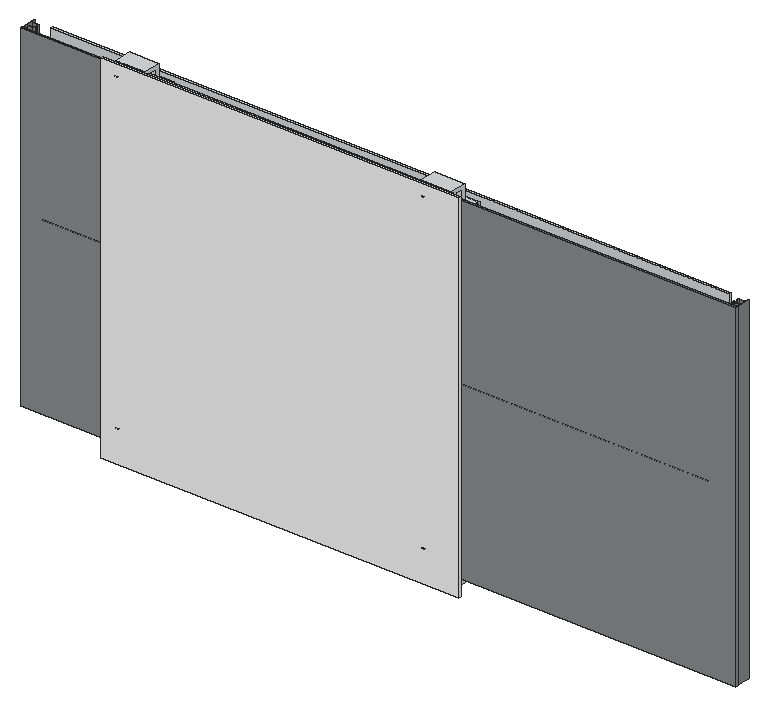
Revit family "Clarus_Glide_R18", category Furniture, host Face, Revit 2018
Family settings
  Host = Face
  Cut with Voids When Loaded = No
  Shared = No
  Room Calculation Point = No
Parameters (values of type "Horizontal 96" Fixed x 48" Slider x 48" Height")
  Slider Control [instance] = if(Slider Position_From Left > (Fixed Width Control - Sliding Panel Width), (Fixed Width Control - Sliding Panel Width), Slider Position_From Left)  # 12"
  Show Slider Panel [instance] = yes
  Show Right End Piece [instance] = yes
  Show Left End Piece [instance] = yes
  MinHeightV = 38 1/2"  # constant formula
  MinHeightH = 38 1/2"  # constant formula
  MaxHeightV = 98 1/2"  # constant formula
  MaxHeightH = 50 1/2"  # constant formula
  Hardware = Clarus Hardware
  Fixed Width Control = if(Horizontal Orientation, if(Fixed Panel Width < FMinWidthH, FMinWidthH, if(Fixed Panel Width > FMaxWidthH, FMaxWidthH, Fixed Panel Width)), if(Fixed Panel Width < FMinWidthV, FMinWidthV, if(Fixed Panel Width > FMaxWidthV, FMaxWidthV, Fixed Panel Width)))  # 96"
  Vertical Orientation = not(Horizontal Orientation)  # no
  Sliding Panel Width = 48"
  Slider Height Control = if(Horizontal Orientation, if(Sliding Panel Height < MinHeightH, MinHeightH, if(Sliding Panel Height > MaxHeightH, MaxHeightH, Sliding Panel Height)), if(Sliding Panel Height < MinHeightV, MinHeightV, if(Sliding Panel Height > MaxHeightV, MaxHeightV, Sliding Panel Height)))  # 48"
  Sliding Panel Height = 48"
  Slider Width Control = if(Horizontal Orientation, if(Sliding Panel Width < MinWidthH, MinWidthH, if(Sliding Panel Width > MaxWidthH, MaxWidthH, Sliding Panel Width)), if(Sliding Panel Width < MinWidthV, MinWidthV, if(Sliding Panel Width > MaxWidthV, MaxWidthV, Sliding Panel Width)))  # 48"
  Slider Position_From Left [instance] = 12"
  Horizontal Orientation = yes
  Fixed Panel Width = 96"
  URL = "https://www.clarus.com/"
  TRC Standards [instance] = "http://therevitcollection.com/news/trc-news-the-revit-collection-standards-explained/"
  Product URL = "https://www.clarus.com/glide/"
  More Revit Families! [instance] = "www.therevitcollection.com"
  Modeled By = "Commense Studio"  # constant formula
  Model = "Glide"  # constant formula
  MinWidthV = 36"  # constant formula
  MinWidthH = 36"  # constant formula
  MaxWidthV = 48"  # constant formula
  MaxWidthH = 96"  # constant formula
  Manufacturer = "Clarus"  # constant formula
  Height to Bottom of Fixed Panel [instance] = 18"
  Fixed Panel [instance] = Clarus Gray
  Slider Panel [instance] = CBC-100 Pure White
  FMinWidthV = 36"  # constant formula
  FMinWidthH = 36"  # constant formula
  FMaxWidthV = 48"  # constant formula
  FMaxWidthH = 96"  # constant formula
  Description = "For years, the fixed walls of modern office spaces have been steadily removed to create an open environment. Glide is the next step in the revolution, maximizing existing wall space to provide hundreds of consolidated square feet of glass writing surface and inspire personal communication and collaboration."  # constant formula
  Fixed Panel Height = Slider Height Control - 2 1/2"  # 45 1/2"
  Designer = ""
  Depth = 3 3/4"  # constant formula
  Default Elevation = 0"
  Assembly Code = ""
Types (3): name | Slider Control | Fixed Width Control | Vertical Orientation | Sliding Panel Width | Slider Width Control | Slider Position_From Left | Horizontal Orientation | Fixed Panel Width
  (no name) | 12" | 96" | no | 48" | 48" | 12" | yes | 96"
  Horizontal 96" Fixed x 48" Slider x 48" Height | 12" | 96" | no | 48" | 48" | 12" | yes | 96"
  Vertical 48" Fixed x 36" Slider x 48" Height | 6" | 48" | yes | 36" | 36" | 6" | no | 48"
Reference planes (in)
  plane 1 "Center (Front/Back)": y = 0
  plane 2: z = 0
  plane 3 "Center (Left/Right)": x = 0
  plane 4 "L": x = -48
  plane 5 "R": x = 48
  plane 6 "F": y = -3.75
  plane 7 "tt2": z = 18
  plane 8 "tt1": z = 63.5
  plane 9 "W": y = -2.25
  plane 10: x = -35.9375
  plane 11: x = 12.0625
  plane 12 "mid": z = 40.75
  plane 13: z = 64.75
  plane 14: z = 16.75
  plane 15 "X": y = -3.5
  plane 16: x = 45.5
  plane 17: x = -45.5
  plane 18 "low rail": z = 23.25
  plane 19 "high rail": z = 58.25275
  plane 20: x = -34.4375
  plane 21: x = -30.43767
  plane 22: x = 10.5625
  plane 23: x = 6.56267
  plane 24: x = -28.93767
  plane 25 "rev": z = 61.87719
  plane 26: x = 5.06267
  plane 27 "rev4": z = 19.62281
  plane 28 "edge2": x = -35.4375
  plane 29 "edge": x = 11.5625
  plane 30: y = -2.66607
  plane 31 "edge3": y = -3
  plane 32: x = -47.9375
Forms (in)
  Extrusion 1, solid, material "Clarus Gray" <- "Fixed Panel"
    sketch origin (0, 0, 0) x (1, 0, 0) y (0, 1, 0)
      loop
        line (-48, -2.25) -> (48, -2.25) -> (48, -2) -> (-48, -2) -> (-48, -2.25)
    from 18 to 63.5
  Extrusion 2, solid, material "CBC-100 Pure White" <- "Slider Panel", visible <- "Show Slider Panel"
    sketch origin (0, 0, 0) x (1, 0, 0) y (0, 1, 0)
      loop
        line (12.0625, -3.75) -> (12.0625, -3.5) -> (-35.9375, -3.5) -> (-35.9375, -3.75) -> (12.0625, -3.75)
    from 16.75 to 64.75
  Sweep 3, solid, material "Clarus Hardware" <- "Hardware"
    path origin (0, 0, 40.75) x (-1, 0, 0) y (0, -1, 0)
      loop
        line (45.5, 0) -> (-45.5, 0)
    profile "Profile_Gilde_Mid : Profile_Gilde_Mid" origin (0, 0, 40.75) x (0, 1, 0) y (0, 0, 1)
      loop
        line (-1.78625, 0.8125) -> (-1.63837, 0.8125) -> (-1.63837, 1.44234) -> (-1.78625, 1.44234) -> (-1.78625, 0.8125)
      loop
        line (0, 0.8125) -> (-0.125, 0.8125) -> (-0.125, 0.1875) -> (-0.39875, 0.1875) -> (-0.39875, 0.3175) -> (-1.47822, 0.3175) -> (-1.47822, 1.6025) -> (-1.94625, 1.6025) -> (-1.94625, -0.8975) -> (-1.78625, -0.8975) -> (-1.78625, 0.45)
        arc (-1.78625, 0.45) -> (-1.70937, 0.26438) -> (-1.52375, 0.1875) r 0.2625
        line (-1.52375, 0.1875) -> (-1.375, 0.1875) -> (-1.375, 0.0625) -> (-0.26222, 0.0625)
        arc (-0.26222, 0.0625) -> (-0.16519, 0.02231) -> (-0.125, -0.07472) r 0.13722
        line (-0.125, -0.07472) -> (-0.125, -0.8125) -> (0, -0.8125) -> (0, 0.8125)
  Sweep 4, solid, material "Clarus Hardware" <- "Hardware"
    path origin (0, 0, 58.25275) x (-1, 0, 0) y (0, -1, 0)
      loop
        line (45.5, 0) -> (-45.5, 0)
    profile "Profile_Gilde_Top : Profile_Gilde_Top" origin (0, 0, 58.25275) x (0, 1, 0) y (0, 0, 1)
      loop
        line (-0.15625, 0.41375) -> (-0.91375, 0.41375) -> (-0.91375, 0.15625) -> (-0.15625, 0.15625) -> (-0.15625, 0.41375)
      loop
        line (-1.94625, -1.055) -> (-1.78625, -1.055) -> (-1.78625, 0) -> (0, 0) -> (0, 5.24725) -> (-0.2, 5.24725) -> (-0.2, 2.43475) -> (-1.45, 2.43475) -> (-1.45, 2.62225) -> (-1.6425, 2.62225) -> (-1.6425, 4.68475) -> (-1.6025, 4.68475) -> (-1.6025, 4.74725) -> (-1.8925, 4.74725) -> (-1.8925, 2.05975) -> (-0.66, 2.05975) -> (-0.66, 1.84975) -> (-0.278, 1.84975) -> (-0.278, 1.50525) -> (-0.66, 1.50525) -> (-0.66, 1.14975) -> (-0.2, 1.14975) -> (-0.2, 0.57) -> (-1.07, 0.57) -> (-1.07, 0.16) -> (-1.48625, 0.16) -> (-1.48625, 1.45869) -> (-1.94625, 1.45869) -> (-1.94625, -1.055)
  Sweep 5, solid, material "Clarus Hardware" <- "Hardware"
    path origin (0, 0, 23.25) x (-1, 0, 0) y (0, -1, 0)
      loop
        line (45.5, 0) -> (-45.5, 0)
    profile "Profile_Gilde_Top : Profile_Gilde_Top" origin (0, 0, 23.25) x (0, 1, 0) y (0, 0, 1)
      loop
        line (-0.15625, -0.41375) -> (-0.15625, -0.15625) -> (-0.91375, -0.15625) -> (-0.91375, -0.41375) -> (-0.15625, -0.41375)
      loop
        line (-1.94625, 1.055) -> (-1.94625, -1.45869) -> (-1.48625, -1.45869) -> (-1.48625, -0.16) -> (-1.07, -0.16) -> (-1.07, -0.57) -> (-0.2, -0.57) -> (-0.2, -1.14975) -> (-0.66, -1.14975) -> (-0.66, -1.50525) -> (-0.278, -1.50525) -> (-0.278, -1.84975) -> (-0.66, -1.84975) -> (-0.66, -2.05975) -> (-1.8925, -2.05975) -> (-1.8925, -4.74725) -> (-1.6025, -4.74725) -> (-1.6025, -4.68475) -> (-1.6425, -4.68475) -> (-1.6425, -2.62225) -> (-1.45, -2.62225) -> (-1.45, -2.43475) -> (-0.2, -2.43475) -> (-0.2, -5.24725) -> (0, -5.24725) -> (0, 0) -> (-1.78625, 0) -> (-1.78625, 1.055) -> (-1.94625, 1.055)
  Extrusion 6, solid, material "Clarus Hardware" <- "Hardware", visible <- "Show Slider Panel"
    sketch origin (0, 0, 0) x (0, 1, 0) y (0, 0, 1)
      loop
        line (-1.40607, 62.85652) -> (-0.90607, 62.85652) -> (-0.90607, 64.75219) -> (-3.24607, 64.75219) -> (-3.24607, 64.55219) -> (-2.85107, 64.55219) -> (-2.85107, 64.17719) -> (-2.99607, 64.17719) -> (-2.99607, 64.30219) -> (-3.12107, 64.30219) -> (-3.12107, 63.80219) -> (-2.66607, 63.80219) -> (-2.66607, 63.30219) -> (-2.54107, 63.30219) -> (-2.54107, 63.42719) -> (-2.40607, 63.42719) -> (-2.40607, 64.25219) -> (-1.40607, 64.25219) -> (-1.40607, 62.85652)
    from -34.4375 to -30.43767
  Extrusion 7, solid, material "Clarus Hardware" <- "Hardware", visible <- "Show Slider Panel"
    sketch origin (-10, 0, 0) x (0, 1, 0) y (0, 0, -1)
      loop
        line (-1.40607, -62.50219) -> (-1.40607, -64.25219) -> (-2.40607, -64.25219) -> (-2.40607, -63.42719) -> (-2.54107, -63.42719) -> (-2.54107, -63.30219) -> (-2.66607, -63.30219) -> (-2.66607, -63.80219) -> (-3.12107, -63.80219) -> (-3.12107, -64.30219) -> (-2.99607, -64.30219) -> (-2.99607, -64.17719) -> (-2.85107, -64.17719) -> (-2.85107, -64.55219) -> (-3.24607, -64.55219) -> (-3.24607, -64.75219) -> (-0.90607, -64.75219) -> (-0.90607, -62.50219) -> (-1.40607, -62.50219)
    from -20.5625 to -16.56267
  Revolve 8, solid, material "Clarus Hardware" <- "Hardware", visible <- "Show Slider Panel"
    sketch origin (0, 0, 61.87719) x (-1, 0, 0) y (0, -1, 0)
      loop
        line (28.93767, 0.39875) -> (36.01067, 0.39875) -> (36.01067, 0.46459) -> (36.10569, 0.48134) -> (36.14533, 0.55) -> (36.16825, 0.42)
        arc (36.16825, 0.42) -> (36.48214, 0.3989) -> (36.78479, 0.4848) r 0.91988
        arc (36.78479, 0.4848) -> (36.87993, 0.51772) -> (36.98007, 0.52804) r 0.43768
        line (36.98007, 0.52804) -> (37.02067, 0.625) -> (37.02067, 0.68427) -> (36.98204, 0.68427)
        arc (36.98204, 0.68427) -> (36.84615, 0.67028) -> (36.71705, 0.6256) r 0.59393
        arc (36.71705, 0.6256) -> (36.51366, 0.56086) -> (36.3003, 0.55493) r 0.76363
        line (36.3003, 0.55493) -> (36.25866, 0.7911) -> (36.25866, 0.95143) -> (28.93767, 0.95143) -> (28.93767, 0.39875)
      axis (37.02067, 0.95143) -> (28.93767, 0.95143)
    angle from 0 to 360
  Extrusion 9, solid, material "Clarus Hardware" <- "Hardware", visible <- "Show Slider Panel"
    sketch origin (0, 0, 0) x (0, 1, 0) y (0, 0, 1)
      loop
        arc (-1.49279, 62.85652) -> (-1.55908, 62.82906) -> (-1.58654, 62.76277) r 0.09375
        line (-1.58654, 62.76277) -> (-1.58654, 60.99161)
        arc (-1.58654, 60.99161) -> (-1.55908, 60.92532) -> (-1.49279, 60.89786) r 0.09375
        line (-1.49279, 60.89786) -> (-0.41307, 60.89786)
        arc (-0.41307, 60.89786) -> (-0.34678, 60.92532) -> (-0.31932, 60.99161) r 0.09375
        line (-0.31932, 60.99161) -> (-0.31932, 62.76277)
        arc (-0.31932, 62.76277) -> (-0.34678, 62.82906) -> (-0.41307, 62.85652) r 0.09375
        line (-0.41307, 62.85652) -> (-1.49279, 62.85652)
      loop
        arc (-1.49279, 62.79402) -> (-1.51489, 62.78487) -> (-1.52404, 62.76277) r 0.03125
        line (-1.52404, 62.76277) -> (-1.52404, 60.99161)
        arc (-1.52404, 60.99161) -> (-1.51489, 60.96951) -> (-1.49279, 60.96036) r 0.03125
        line (-1.49279, 60.96036) -> (-0.41307, 60.96036)
        arc (-0.41307, 60.96036) -> (-0.39097, 60.96951) -> (-0.38182, 60.99161) r 0.03125
        line (-0.38182, 60.99161) -> (-0.38182, 62.76277)
        arc (-0.38182, 62.76277) -> (-0.39097, 62.78487) -> (-0.41307, 62.79402) r 0.03125
        line (-0.41307, 62.79402) -> (-1.49279, 62.79402)
    from -35.9375 to -28.93767
  Extrusion 10, solid, material "Clarus Hardware" <- "Hardware", visible <- "Show Slider Panel"
    sketch origin (-10, 0, 0) x (0, 1, 0) y (0, 0, -1)
      loop
        line (-1.49279, -62.85652) -> (-0.41307, -62.85652)
        arc (-0.41307, -62.85652) -> (-0.34678, -62.82906) -> (-0.31932, -62.76277) r 0.09375
        line (-0.31932, -62.76277) -> (-0.31932, -60.99161)
        arc (-0.31932, -60.99161) -> (-0.34678, -60.92532) -> (-0.41307, -60.89786) r 0.09375
        line (-0.41307, -60.89786) -> (-1.49279, -60.89786)
        arc (-1.49279, -60.89786) -> (-1.55908, -60.92532) -> (-1.58654, -60.99161) r 0.09375
        line (-1.58654, -60.99161) -> (-1.58654, -62.76277)
        arc (-1.58654, -62.76277) -> (-1.55908, -62.82906) -> (-1.49279, -62.85652) r 0.09375
      loop
        line (-1.49279, -62.79402) -> (-0.41307, -62.79402)
        arc (-0.41307, -62.79402) -> (-0.39097, -62.78487) -> (-0.38182, -62.76277) r 0.03125
        line (-0.38182, -62.76277) -> (-0.38182, -60.99161)
        arc (-0.38182, -60.99161) -> (-0.39097, -60.96951) -> (-0.41307, -60.96036) r 0.03125
        line (-0.41307, -60.96036) -> (-1.49279, -60.96036)
        arc (-1.49279, -60.96036) -> (-1.51489, -60.96951) -> (-1.52404, -60.99161) r 0.03125
        line (-1.52404, -60.99161) -> (-1.52404, -62.76277)
        arc (-1.52404, -62.76277) -> (-1.51489, -62.78487) -> (-1.49279, -62.79402) r 0.03125
    from -22.0625 to -15.06267
  Revolve 11, solid, material "Clarus Hardware" <- "Hardware", visible <- "Show Slider Panel"
    sketch origin (14, 0, 61.87719) x (1, 0, 0) y (0, -1, 0)
      loop
        line (-8.93733, 0.39875) -> (-1.86433, 0.39875) -> (-1.86433, 0.46459) -> (-1.76931, 0.48134) -> (-1.72967, 0.55) -> (-1.70675, 0.42)
        arc (-1.70675, 0.42) -> (-1.39286, 0.3989) -> (-1.09021, 0.4848) r 0.91988
        arc (-1.09021, 0.4848) -> (-0.99507, 0.51772) -> (-0.89493, 0.52804) r 0.43768
        line (-0.89493, 0.52804) -> (-0.85433, 0.625) -> (-0.85433, 0.68427) -> (-0.89296, 0.68427)
        arc (-0.89296, 0.68427) -> (-1.02885, 0.67028) -> (-1.15795, 0.6256) r 0.59393
        arc (-1.15795, 0.6256) -> (-1.36134, 0.56086) -> (-1.5747, 0.55493) r 0.76363
        line (-1.5747, 0.55493) -> (-1.61634, 0.7911) -> (-1.61634, 0.95143) -> (-8.93733, 0.95143) -> (-8.93733, 0.39875)
      axis (-0.85433, 0.95143) -> (-8.93733, 0.95143)
    angle from 0 to 360
  Extrusion 12, solid, material "Clarus Hardware" <- "Hardware", visible <- "Show Slider Panel"
    sketch origin (0, 0, 88) x (0, 1, 0) y (0, 0, 1)
      loop
        line (-1.40607, -69.35652) -> (-1.40607, -70.75219) -> (-2.40607, -70.75219) -> (-2.40607, -69.92719) -> (-2.54107, -69.92719) -> (-2.54107, -69.80219) -> (-2.66607, -69.80219) -> (-2.66607, -70.30219) -> (-3.12107, -70.30219) -> (-3.12107, -70.80219) -> (-2.99607, -70.80219) -> (-2.99607, -70.67719) -> (-2.85107, -70.67719) -> (-2.85107, -71.05219) -> (-3.24607, -71.05219) -> (-3.24607, -71.25219) -> (-0.90607, -71.25219) -> (-0.90607, -69.35652) -> (-1.40607, -69.35652)
    from -34.4375 to -30.43767
  Extrusion 13, solid, material "Clarus Hardware" <- "Hardware", visible <- "Show Slider Panel"
    sketch origin (-10, 0, 88) x (0, 1, 0) y (0, 0, -1)
      loop
        line (-1.40607, 69.00219) -> (-0.90607, 69.00219) -> (-0.90607, 71.25219) -> (-3.24607, 71.25219) -> (-3.24607, 71.05219) -> (-2.85107, 71.05219) -> (-2.85107, 70.67719) -> (-2.99607, 70.67719) -> (-2.99607, 70.80219) -> (-3.12107, 70.80219) -> (-3.12107, 70.30219) -> (-2.66607, 70.30219) -> (-2.66607, 69.80219) -> (-2.54107, 69.80219) -> (-2.54107, 69.92719) -> (-2.40607, 69.92719) -> (-2.40607, 70.75219) -> (-1.40607, 70.75219) -> (-1.40607, 69.00219)
    from -20.5625 to -16.56267
  Revolve 14, solid, material "Clarus Hardware" <- "Hardware", visible <- "Show Slider Panel"
    sketch origin (0, 0, 19.62281) x (0, -1, 0) y (-1, 0, 0)
      loop
        line (0.39875, 28.93767) -> (0.95143, 28.93767) -> (0.95143, 36.25866) -> (0.7911, 36.25866) -> (0.55493, 36.3003)
        arc (0.55493, 36.3003) -> (0.56086, 36.51366) -> (0.6256, 36.71705) r 0.76363
        arc (0.6256, 36.71705) -> (0.67028, 36.84615) -> (0.68427, 36.98204) r 0.59393
        line (0.68427, 36.98204) -> (0.68427, 37.02067) -> (0.625, 37.02067) -> (0.52804, 36.98007)
        arc (0.52804, 36.98007) -> (0.51772, 36.87993) -> (0.4848, 36.78479) r 0.43768
        arc (0.4848, 36.78479) -> (0.3989, 36.48214) -> (0.42, 36.16825) r 0.91988
        line (0.42, 36.16825) -> (0.55, 36.14533) -> (0.48134, 36.10569) -> (0.46459, 36.01067) -> (0.39875, 36.01067) -> (0.39875, 28.93767)
      axis (0.95143, 37.02067) -> (0.95143, 28.93767)
    angle from 0 to 360
  Extrusion 15, solid, material "Clarus Hardware" <- "Hardware", visible <- "Show Slider Panel"
    sketch origin (0, 0, 88) x (0, 1, 0) y (0, 0, 1)
      loop
        line (-1.49279, -69.35652) -> (-0.41307, -69.35652)
        arc (-0.41307, -69.35652) -> (-0.34678, -69.32906) -> (-0.31932, -69.26277) r 0.09375
        line (-0.31932, -69.26277) -> (-0.31932, -67.49161)
        arc (-0.31932, -67.49161) -> (-0.34678, -67.42532) -> (-0.41307, -67.39786) r 0.09375
        line (-0.41307, -67.39786) -> (-1.49279, -67.39786)
        arc (-1.49279, -67.39786) -> (-1.55908, -67.42532) -> (-1.58654, -67.49161) r 0.09375
        line (-1.58654, -67.49161) -> (-1.58654, -69.26277)
        arc (-1.58654, -69.26277) -> (-1.55908, -69.32906) -> (-1.49279, -69.35652) r 0.09375
      loop
        line (-1.49279, -69.29402) -> (-0.41307, -69.29402)
        arc (-0.41307, -69.29402) -> (-0.39097, -69.28487) -> (-0.38182, -69.26277) r 0.03125
        line (-0.38182, -69.26277) -> (-0.38182, -67.49161)
        arc (-0.38182, -67.49161) -> (-0.39097, -67.46951) -> (-0.41307, -67.46036) r 0.03125
        line (-0.41307, -67.46036) -> (-1.49279, -67.46036)
        arc (-1.49279, -67.46036) -> (-1.51489, -67.46951) -> (-1.52404, -67.49161) r 0.03125
        line (-1.52404, -67.49161) -> (-1.52404, -69.26277)
        arc (-1.52404, -69.26277) -> (-1.51489, -69.28487) -> (-1.49279, -69.29402) r 0.03125
    from -35.9375 to -28.93767
  Extrusion 16, solid, material "Clarus Hardware" <- "Hardware", visible <- "Show Slider Panel"
    sketch origin (-10, 0, 88) x (0, 1, 0) y (0, 0, -1)
      loop
        arc (-1.49279, 69.35652) -> (-1.55908, 69.32906) -> (-1.58654, 69.26277) r 0.09375
        line (-1.58654, 69.26277) -> (-1.58654, 67.49161)
        arc (-1.58654, 67.49161) -> (-1.55908, 67.42532) -> (-1.49279, 67.39786) r 0.09375
        line (-1.49279, 67.39786) -> (-0.41307, 67.39786)
        arc (-0.41307, 67.39786) -> (-0.34678, 67.42532) -> (-0.31932, 67.49161) r 0.09375
        line (-0.31932, 67.49161) -> (-0.31932, 69.26277)
        arc (-0.31932, 69.26277) -> (-0.34678, 69.32906) -> (-0.41307, 69.35652) r 0.09375
        line (-0.41307, 69.35652) -> (-1.49279, 69.35652)
      loop
        arc (-1.49279, 69.29402) -> (-1.51489, 69.28487) -> (-1.52404, 69.26277) r 0.03125
        line (-1.52404, 69.26277) -> (-1.52404, 67.49161)
        arc (-1.52404, 67.49161) -> (-1.51489, 67.46951) -> (-1.49279, 67.46036) r 0.03125
        line (-1.49279, 67.46036) -> (-0.41307, 67.46036)
        arc (-0.41307, 67.46036) -> (-0.39097, 67.46951) -> (-0.38182, 67.49161) r 0.03125
        line (-0.38182, 67.49161) -> (-0.38182, 69.26277)
        arc (-0.38182, 69.26277) -> (-0.39097, 69.28487) -> (-0.41307, 69.29402) r 0.03125
        line (-0.41307, 69.29402) -> (-1.49279, 69.29402)
    from -22.0625 to -15.06267
  Revolve 17, solid, material "Clarus Hardware" <- "Hardware", visible <- "Show Slider Panel"
    sketch origin (14, 0, 19.62281) x (0, -1, 0) y (1, 0, 0)
      loop
        line (0.39875, -8.93733) -> (0.95143, -8.93733) -> (0.95143, -1.61634) -> (0.7911, -1.61634) -> (0.55493, -1.5747)
        arc (0.55493, -1.5747) -> (0.56086, -1.36134) -> (0.6256, -1.15795) r 0.76363
        arc (0.6256, -1.15795) -> (0.67028, -1.02885) -> (0.68427, -0.89296) r 0.59393
        line (0.68427, -0.89296) -> (0.68427, -0.85433) -> (0.625, -0.85433) -> (0.52804, -0.89493)
        arc (0.52804, -0.89493) -> (0.51772, -0.99507) -> (0.4848, -1.09021) r 0.43768
        arc (0.4848, -1.09021) -> (0.3989, -1.39286) -> (0.42, -1.70675) r 0.91988
        line (0.42, -1.70675) -> (0.55, -1.72967) -> (0.48134, -1.76931) -> (0.46459, -1.86433) -> (0.39875, -1.86433) -> (0.39875, -8.93733)
      axis (0.95143, -0.85433) -> (0.95143, -8.93733)
    angle from 0 to 360
  Extrusion 18, solid, material "Clarus Hardware" <- "Hardware", visible <- "Show Slider Panel"
    sketch origin (0.5, 0.5, 0) x (1, 0, 0) y (0, 1, 0)
      loop
        line (11.0625, -4) -> (11.0625, -3.5) -> (-35.9375, -3.5) -> (-35.9375, -4) -> (11.0625, -4)
    from 18 to 63.5
  Sweep 19, solid, material "Clarus Hardware" <- "Hardware", visible <- "Show Slider Panel"
    path origin (0, 0, 63.5) x (-1, 0, 0) y (0, -1, 0)
      loop
        line (34.4375, 3.5) -> (-10.5625, 3.5)
    profile origin (-11.9375, -3.5, 63.5) x (0, 1, 0) y (0, 0, 1)
      loop
        line (0.5, 0) -> (0.5, -3.32281) -> (0.83393, -3.32281) -> (0.83393, -0.32281) -> (1.09393, -0.32281) -> (1.09393, -0.07281) -> (0.95893, -0.07281) -> (0.95893, -0.19781) -> (0.83393, -0.19781) -> (0.83393, 0.30219) -> (0.37893, 0.30219) -> (0.37893, 0.80515) -> (0.53514, 0.80515) -> (0.53514, 0.694) -> (0.62731, 0.694) -> (0.62731, 1.0383) -> (0, 1.0383) -> (0, 0) -> (0.5, 0)
  Sweep 20, solid, material "Clarus Hardware" <- "Hardware", visible <- "Show Slider Panel"
    path origin (0, 0, 18) x (-1, 0, 0) y (0, -1, 0)
      loop
        line (34.4375, 3.5) -> (-10.5625, 3.5)
    profile origin (-11.9375, -3.5, 18) x (0, 1, 0) y (0, 0, 1)
      loop
        line (0.5, 0) -> (0, 0) -> (0, -1.0383) -> (0.62731, -1.0383) -> (0.62731, -0.694) -> (0.53514, -0.694) -> (0.53514, -0.80515) -> (0.37893, -0.80515) -> (0.37893, -0.30219) -> (0.83393, -0.30219) -> (0.83393, 0.19781) -> (0.95893, 0.19781) -> (0.95893, 0.07281) -> (1.09393, 0.07281) -> (1.09393, 0.32281) -> (0.83393, 0.32281) -> (0.83393, 3.32281) -> (0.5, 3.32281) -> (0.5, 0)
  Sweep 21, solid, material "Clarus Hardware" <- "Hardware", visible <- "Show Slider Panel"
    path origin (0, -3, 0) x (0, 0, -1) y (-1, 0, 0)
      loop
        line (-63.5, -11.5625) -> (-18, -11.5625)
    profile origin (11.5625, -3, 40.75) x (0, 1, 0) y (-1, 0, 0)
      loop
        line (-0.5, 0) -> (-0.5, -0.09237) -> (0.09237, -0.09237) -> (0.09237, 0.5) -> (0, 0.5) -> (0, 0) -> (-0.5, 0)
  Sweep 22, solid, material "Clarus Hardware" <- "Hardware", visible <- "Show Slider Panel"
    path origin (2, -3, 0) x (0, 0, -1) y (1, 0, 0)
      loop
        line (-63.5, -37.4375) -> (-18, -37.4375)
    profile origin (-35.4375, -3, 40.75) x (0, 1, 0) y (-1, 0, 0)
      loop
        line (-0.5, 0) -> (0, 0) -> (0, -0.5) -> (0.09237, -0.5) -> (0.09237, 0.09237) -> (-0.5, 0.09237) -> (-0.5, 0)
  Extrusion 23, solid, material "Clarus Gray" <- "Fixed Panel", visible <- "Show Right End Piece"
    sketch origin (0, 0, 0) x (1, 0, 0) y (0, 1, 0)
      loop
        line (47.90625, -0.067) -> (47.813, -0.067) -> (47.813, -0.505) -> (46.907, -0.505) -> (46.907, -0.724) -> (47, -0.724) -> (47, -0.599) -> (47.813, -0.599) -> (47.813, -1.349) -> (47, -1.349) -> (47, -1.224) -> (46.907, -1.224) -> (46.907, -1.442) -> (47.813, -1.442) -> (47.813, -1.88) -> (47.90625, -1.88) -> (47.90625, -0.067)
    from 18 to 63.5
  Extrusion 24, solid, material "Clarus Gray" <- "Fixed Panel", visible <- "Show Right End Piece"
    sketch origin (0, 0, 0) x (-1, 0, 0) y (0, -1, 0)
      loop
        line (47.90625, 0.067) -> (47.90625, 1.88) -> (47.813, 1.88) -> (47.813, 1.442) -> (46.907, 1.442) -> (46.907, 1.224) -> (47, 1.224) -> (47, 1.349) -> (47.813, 1.349) -> (47.813, 0.599) -> (47, 0.599) -> (47, 0.724) -> (46.907, 0.724) -> (46.907, 0.505) -> (47.813, 0.505) -> (47.813, 0.067) -> (47.90625, 0.067)
    from 18 to 63.5
Lines and regions (in)
  Masking region 1
    outline origin (0, 0, 23.25) x (-1, 0, 0) y (0, -1, 0)
      loop
        line (45.5, 0) -> (45.5, 1.94625) -> (-45.5, 1.94625) -> (-45.5, 0) -> (45.5, 0)
  Masking region 2, visible <- "Show Slider Panel"
    outline origin (0, 0, 40.75) x (-1, 0, 0) y (0, -1, 0)
      loop
        line (36.9375, 1.37398) -> (35.9375, 1.58654) -> (28.93767, 1.58654) -> (28.93767, 0.31932) -> (35.9375, 0.31932) -> (36.9375, 0.53188) -> (36.9375, 1.37398)
      loop
        line (-13.0625, 1.37398) -> (-13.0625, 0.53188) -> (-12.0625, 0.31932) -> (-5.06267, 0.31932) -> (-5.06267, 1.58654) -> (-12.0625, 1.58654) -> (-13.0625, 1.37398)
  Masking region 3, visible <- "Show Slider Panel"
    outline origin (0, 0, 0) x (1, 0, 0) y (0, 1, 0)
      loop
        line (11.5625, -3) -> (-35.4375, -3) -> (-35.4375, -3.5) -> (11.5625, -3.5) -> (11.5625, -3)
  Masking region 4, visible <- "Show Slider Panel"
    outline origin (1, 0.75, 0) x (1, 0, 0) y (0, 1, 0)
      loop
        line (9.5625, -3) -> (-35.4375, -3) -> (-35.4375, -3.75) -> (9.5625, -3.75) -> (9.5625, -3)
  Masking region 5, visible <- "Show Slider Panel"
    outline origin (0, 0, 63.5) x (-1, 0, 0) y (0, -1, 0)
      loop
        line (-6.56267, 3.24607) -> (-10.5625, 3.24607) -> (-10.5625, 0.90607) -> (-6.56267, 0.90607) -> (-6.56267, 3.24607)
      loop
        line (30.43767, 3.24607) -> (30.43767, 0.90607) -> (34.4375, 0.90607) -> (34.4375, 3.24607) -> (30.43767, 3.24607)
  symbolic lines
    curve 1: line (-35.9375, -1.58654, 0) -> (-35.9375, -0.31932, 0)
    curve 2: line (12.0625, -1.58654, 0) -> (12.0625, -0.31932, 0)
Dimensions and locks (in)
  equal spacing: plane 4 "L", plane 3 "Center (Left/Right)", plane 5 "R"
  "Fixed Width Control": plane 4 "L" to plane 5 "R"
  "Depth": plane 6 "F" to plane 1 "Center (Front/Back)"
  "Height to Bottom of Fixed Panel": plane 7 "tt2" to level
  "Fixed Panel Height": plane 8 "tt1" to plane 7 "tt2"
  locked: plane 9 "W" to plane 1 "Center (Front/Back)" at 2.25
  "Slider Control": plane 32 to plane 10
  "Slider Width Control": plane 10 to plane 11
  equal spacing: plane 8 "tt1", plane 12 "mid", plane 7 "tt2"
  equal spacing: plane 13, plane 12 "mid", plane 14
  "Slider Height Control": plane 13 to plane 14
  locked: Extrusion 1 sketch curve to Extrusion 1 sketch curve at 0.25
  locked: plane 6 "F" to plane 15 "X" at 0.25
  locked: plane 4 "L" to plane 17 at 2.5
  locked: plane 16 to plane 5 "R" at 2.5
  locked: plane 8 "tt1" to plane 19 "high rail" at 5.24725
  locked: plane 18 "low rail" to plane 7 "tt2" at 5.25
  plane 10 to plane 20 to plane 21 to plane 24 = 1 1/2" locked, 3.99983" locked, 1 1/2" locked
  plane 11 to plane 22 to plane 23 to plane 26 = 1 1/2" locked, 3.99983" locked, 1 1/2" locked
  locked: plane 25 "rev" to plane 19 "high rail" at 3.62444
  locked: plane 27 "rev4" to plane 7 "tt2" at 1.62281
  locked: plane 10 to plane 28 "edge2" at 0.5
  locked: plane 11 to plane 29 "edge" at 0.5
  locked: plane 4 "L" to plane 32 at 0.0625
  aligned and locked: plane 2 to host face
  aligned and locked: level to host face
  aligned and locked: plane 9 "W" to Extrusion 1 sketch curve
  aligned and locked: Extrusion 1 sketch curve to plane 4 "L"
  aligned and locked: plane 5 "R" to Extrusion 1 sketch curve
  aligned and locked: plane 8 "tt1" to Extrusion 1
  aligned and locked: Extrusion 1 to plane 7 "tt2"
  aligned and locked: Extrusion 2 sketch curve to plane 6 "F"
  aligned and locked: plane 11 to Extrusion 2 sketch curve
  aligned and locked: plane 15 "X" to Extrusion 2 sketch curve
  aligned and locked: Extrusion 2 sketch curve to plane 10
  aligned and locked: Extrusion 2 to plane 13
  aligned and locked: plane 13 to Extrusion 2
  aligned and locked: plane 14 to Extrusion 2
  aligned and locked: plane 16 to Sweep 3 sketch curve
  aligned and locked: plane 17 to Sweep 3 sketch curve
  aligned and locked: plane 16 to Sweep 4 sketch curve
  aligned and locked: plane 17 to Sweep 4 sketch curve
  aligned and locked: plane 20 to Extrusion 6
  aligned and locked: Extrusion 6 to plane 21
  aligned and locked: Extrusion 7 to plane 22  (x2)
  aligned and locked: plane 23 to Extrusion 7  (x2)
  aligned and locked: Extrusion 9 to plane 24
  aligned and locked: plane 10 to Extrusion 9
  aligned and locked: Extrusion 10 to plane 26
  aligned and locked: Extrusion 10 to plane 11
  aligned and locked: Extrusion 18 sketch curve to plane 31 "edge3"
  aligned and locked: plane 28 "edge2" to Extrusion 18 sketch curve
  aligned and locked: Extrusion 18 sketch curve to plane 15 "X"
  aligned and locked: plane 29 "edge" to Extrusion 18 sketch curve
  aligned and locked: plane 8 "tt1" to Extrusion 18
  aligned and locked: Extrusion 18 to plane 7 "tt2"
  aligned and locked: plane 22 to Sweep 19 sketch curve
  aligned and locked: plane 20 to Sweep 19 sketch curve
  aligned and locked: Extrusion 15 to plane 24
  aligned and locked: Extrusion 12 to plane 21
  aligned and locked: plane 20 to Extrusion 12
  aligned and locked: plane 10 to Extrusion 15
  aligned and locked: plane 22 to Extrusion 13
  aligned and locked: Extrusion 13 to plane 23
  aligned and locked: Extrusion 16 to plane 11
  aligned and locked: Extrusion 16 to plane 26
  aligned and locked: plane 7 "tt2" to Sweep 21 sketch curve
  aligned and locked: plane 29 "edge" to Sweep 21 sketch curve
  aligned and locked: plane 8 "tt1" to Sweep 21 sketch curve
  aligned and locked: Extrusion 23 to plane 7 "tt2"
  aligned and locked: plane 8 "tt1" to Extrusion 23
  aligned and locked: plane 24 to Masking region 2 sketch curve
  aligned and locked: Masking region 2 sketch curve to plane 26
  aligned and locked: plane 20 to Masking region 4
  aligned and locked: Masking region 4 to plane 31 "edge3"
  aligned and locked: plane 22 to Masking region 4
  aligned and locked: plane 8 "tt1" to Extrusion 24
  aligned and locked: Extrusion 24 to plane 7 "tt2"
Automatic sketch dimensions
  curve 1 to plane 10 = 0"
  curve 2 to plane 11 = 0"
  curve 2 to plane 9 "W" = 0.66346"
  curve 1 to plane 9 "W" = 0.66346"
  plane 1 "Center (Front/Back)" to curve 2 = 0.31932"
  plane 1 "Center (Front/Back)" to curve 1 = 0.31932"
  host sketch curve to host sketch curve = 96"  (x2)
  plane 1 "Center (Front/Back)" to Sweep 3 sketch curve = 0"
  plane 1 "Center (Front/Back)" to Sweep 4 sketch curve = 0"
  plane 1 "Center (Front/Back)" to Sweep 5 sketch curve = 0"
  Sweep 5 sketch curve to plane 16 = 0"
  Sweep 5 sketch curve to plane 17 = 0"
  Extrusion 6 sketch curve to plane 30 = 0"
  plane 31 "edge3" to Extrusion 6 sketch curve = 0.14893"
  plane 31 "edge3" to Extrusion 6 sketch curve = 1/256"
  Extrusion 6 sketch curve to plane 31 "edge3" = 31/256"
  plane 13 to Extrusion 6 sketch curve = 0.00219"
  Extrusion 6 sketch curve to plane 31 "edge3" = 63/256"
  plane 30 to Extrusion 6 sketch curve = 1/8"
  Extrusion 6 sketch curve to Extrusion 6 sketch curve = 0.135"
  Extrusion 6 sketch curve to plane 9 "W" = 0.84393"
  Extrusion 6 sketch curve to Extrusion 6 sketch curve = 1/2"
  Extrusion 6 sketch curve to plane 13 = 0.19781"
  Extrusion 6 sketch curve to Extrusion 6 sketch curve = 1/4"
  Extrusion 6 sketch curve to plane 13 = 0.49781"
  Extrusion 6 sketch curve to Extrusion 6 sketch curve = 1/8"  (x2)
  plane 8 "tt1" to Extrusion 6 sketch curve = 0.30219"
  Extrusion 6 sketch curve to plane 8 "tt1" = 0.07281"
  Extrusion 6 sketch curve to plane 8 "tt1" = 0.64348"
  Extrusion 7 sketch curve to plane 30 = 0"
  plane 31 "edge3" to Extrusion 7 sketch curve = 0.14893"
  plane 31 "edge3" to Extrusion 7 sketch curve = 1/256"
  Extrusion 7 sketch curve to plane 31 "edge3" = 31/256"
  plane 13 to Extrusion 7 sketch curve = 0.00219"
  Extrusion 7 sketch curve to plane 31 "edge3" = 63/256"
  plane 30 to Extrusion 7 sketch curve = 1/8"
  Extrusion 7 sketch curve to Extrusion 7 sketch curve = 0.135"
  Extrusion 7 sketch curve to plane 9 "W" = 0.84393"
  Extrusion 7 sketch curve to Extrusion 7 sketch curve = 1/2"
  Extrusion 7 sketch curve to plane 13 = 0.19781"
  Extrusion 7 sketch curve to Extrusion 7 sketch curve = 1/4"
  Extrusion 7 sketch curve to plane 13 = 0.49781"
  Extrusion 7 sketch curve to Extrusion 7 sketch curve = 1/8"  (x2)
  plane 8 "tt1" to Extrusion 7 sketch curve = 0.30219"
  Extrusion 7 sketch curve to plane 8 "tt1" = 0.07281"
  Extrusion 7 sketch curve to plane 25 "rev" = 5/8"
  Revolve 8 sketch curve to Revolve 8 sketch curve = 0"  (x5)
  Revolve 8 sketch curve to plane 24 = 0"
  plane 10 to Revolve 8 sketch curve = 0.07317"
  Revolve 8 sketch curve to Revolve 8 sketch curve = 0.09502"
  Revolve 8 sketch curve to Revolve 8 sketch curve = 0.03964"
  Revolve 8 sketch curve to Revolve 8 sketch curve = 0.06256"
  plane 10 to Revolve 8 sketch curve = 0.32116"
  Revolve 8 sketch curve to Revolve 8 sketch curve = 0.15497"
  Revolve 8 sketch curve to Revolve 8 sketch curve = 0.12733"
  plane 1 "Center (Front/Back)" to Revolve 8 sketch curve = 0.09039"
  Revolve 8 sketch curve to Revolve 8 sketch curve = 0.67424"
  Revolve 8 sketch curve to Revolve 8 sketch curve = 0.00553"
  Revolve 8 sketch curve to Revolve 8 sketch curve = 0.00197"
  Revolve 8 sketch curve to Revolve 8 sketch curve = 0.03863"
  plane 1 "Center (Front/Back)" to Revolve 8 sketch curve = 0.39875"
  Revolve 8 sketch curve to Revolve 8 sketch curve = 0.02125"
  Revolve 8 sketch curve to Revolve 8 sketch curve = 0.06584"
  Revolve 8 sketch curve to Revolve 8 sketch curve = 0.06134"
  Revolve 8 sketch curve to Revolve 8 sketch curve = 0.43765"
  Revolve 8 sketch curve to Revolve 8 sketch curve = 0.06866"
  Revolve 8 sketch curve to Revolve 8 sketch curve = 0.00493"
  Revolve 8 sketch curve to Revolve 8 sketch curve = 0.09696"
  Revolve 8 sketch curve to Revolve 8 sketch curve = 0.05927"
  Revolve 8 sketch curve to Revolve 8 sketch curve = 0.23616"
  Revolve 8 sketch curve to Revolve 8 sketch curve = 0.16034"
  Revolve 8 sketch curve to Revolve 8 sketch curve = 0.36231"
  Revolve 8 sketch curve to plane 20 = 0.42159"
  plane 1 "Center (Front/Back)" to Revolve 8 sketch curve = 0.95143"
  Extrusion 9 sketch curve to Extrusion 9 sketch curve = 0"  (x8)
  Extrusion 9 sketch curve to plane 9 "W" = 0.66346"
  Extrusion 9 sketch curve to Extrusion 9 sketch curve = 1/16"
  Extrusion 9 sketch curve to Extrusion 9 sketch curve = 1/32"  (x3)
  plane 1 "Center (Front/Back)" to Extrusion 9 sketch curve = 0.41307"  (x2)
  plane 25 "rev" to Extrusion 9 sketch curve = 0.97933"
  Extrusion 9 sketch curve to plane 8 "tt1" = 0.73723"
  Extrusion 10 sketch curve to Extrusion 10 sketch curve = 0"  (x8)
  Extrusion 10 sketch curve to plane 9 "W" = 0.66346"
  Extrusion 10 sketch curve to Extrusion 10 sketch curve = 1/16"
  Extrusion 10 sketch curve to Extrusion 10 sketch curve = 1/32"  (x3)
  plane 1 "Center (Front/Back)" to Extrusion 10 sketch curve = 0.41307"  (x2)
  Extrusion 10 sketch curve to plane 8 "tt1" = 0.64348"
  plane 25 "rev" to Extrusion 10 sketch curve = 0.88558"
  Revolve 11 sketch curve to Revolve 11 sketch curve = 0"  (x5)
  Revolve 11 sketch curve to plane 26 = 0"
  plane 11 to Revolve 11 sketch curve = 0.07317"
  Revolve 11 sketch curve to Revolve 11 sketch curve = 0.09502"
  Revolve 11 sketch curve to Revolve 11 sketch curve = 0.03964"
  Revolve 11 sketch curve to Revolve 11 sketch curve = 0.06256"
  plane 11 to Revolve 11 sketch curve = 0.32116"
  Revolve 11 sketch curve to Revolve 11 sketch curve = 0.15497"
  Revolve 11 sketch curve to Revolve 11 sketch curve = 0.12733"
  Revolve 11 sketch curve to plane 1 "Center (Front/Back)" = 0.09039"
  Revolve 11 sketch curve to Revolve 11 sketch curve = 0.67424"
  Revolve 11 sketch curve to Revolve 11 sketch curve = 0.00553"
  Revolve 11 sketch curve to Revolve 11 sketch curve = 0.00197"
  Revolve 11 sketch curve to Revolve 11 sketch curve = 0.03863"
  Revolve 11 sketch curve to plane 1 "Center (Front/Back)" = 0.39875"
  Revolve 11 sketch curve to Revolve 11 sketch curve = 0.02125"
  Revolve 11 sketch curve to Revolve 11 sketch curve = 0.06584"
  Revolve 11 sketch curve to Revolve 11 sketch curve = 0.06134"
  Revolve 11 sketch curve to Revolve 11 sketch curve = 0.43765"
  Revolve 11 sketch curve to Revolve 11 sketch curve = 0.06866"
  Revolve 11 sketch curve to Revolve 11 sketch curve = 0.00493"
  Revolve 11 sketch curve to Revolve 11 sketch curve = 0.09696"
  Revolve 11 sketch curve to Revolve 11 sketch curve = 0.05927"
  Revolve 11 sketch curve to Revolve 11 sketch curve = 0.23616"
  Revolve 11 sketch curve to Revolve 11 sketch curve = 0.16034"
  Revolve 11 sketch curve to Revolve 11 sketch curve = 0.36231"
  plane 22 to Revolve 11 sketch curve = 0.42159"
  Revolve 11 sketch curve to plane 1 "Center (Front/Back)" = 0.95143"
  Extrusion 12 sketch curve to plane 30 = 0"
  Extrusion 12 sketch curve to plane 31 "edge3" = 0.14893"
  Extrusion 12 sketch curve to plane 31 "edge3" = 1/256"
  plane 31 "edge3" to Extrusion 12 sketch curve = 31/256"
  Extrusion 12 sketch curve to plane 14 = 0.00219"
  plane 31 "edge3" to Extrusion 12 sketch curve = 63/256"
  Extrusion 12 sketch curve to plane 30 = 1/8"
  Extrusion 12 sketch curve to Extrusion 12 sketch curve = 0.135"
  plane 9 "W" to Extrusion 12 sketch curve = 0.84393"
  Extrusion 12 sketch curve to Extrusion 12 sketch curve = 1/2"
  plane 14 to Extrusion 12 sketch curve = 0.19781"
  Extrusion 12 sketch curve to Extrusion 12 sketch curve = 1/4"
  plane 14 to Extrusion 12 sketch curve = 0.49781"
  Extrusion 12 sketch curve to Extrusion 12 sketch curve = 1/8"  (x2)
  plane 7 "tt2" to Extrusion 12 sketch curve = 0.30219"
  Extrusion 12 sketch curve to plane 7 "tt2" = 0.07281"
  Extrusion 12 sketch curve to plane 7 "tt2" = 0.64348"
  Extrusion 13 sketch curve to plane 30 = 0"
  plane 31 "edge3" to Extrusion 13 sketch curve = 0.14893"
  plane 31 "edge3" to Extrusion 13 sketch curve = 1/256"
  Extrusion 13 sketch curve to plane 31 "edge3" = 31/256"
  plane 14 to Extrusion 13 sketch curve = 0.00219"
  Extrusion 13 sketch curve to plane 31 "edge3" = 63/256"
  plane 30 to Extrusion 13 sketch curve = 1/8"
  Extrusion 13 sketch curve to Extrusion 13 sketch curve = 0.135"
  Extrusion 13 sketch curve to plane 9 "W" = 0.84393"
  Extrusion 13 sketch curve to Extrusion 13 sketch curve = 1/2"
  Extrusion 13 sketch curve to plane 14 = 0.19781"
  Extrusion 13 sketch curve to Extrusion 13 sketch curve = 1/4"
  Extrusion 13 sketch curve to plane 14 = 0.49781"
  Extrusion 13 sketch curve to Extrusion 13 sketch curve = 1/8"  (x2)
  Extrusion 13 sketch curve to plane 7 "tt2" = 0.30219"
  plane 7 "tt2" to Extrusion 13 sketch curve = 0.07281"
  Extrusion 13 sketch curve to plane 27 "rev4" = 5/8"
  Revolve 14 sketch curve to Revolve 14 sketch curve = 0"  (x5)
  Revolve 14 sketch curve to plane 24 = 0"
  Revolve 14 sketch curve to plane 1 "Center (Front/Back)" = 0.09039"
  Revolve 14 sketch curve to plane 10 = 0.07317"
  Revolve 14 sketch curve to plane 1 "Center (Front/Back)" = 0.39875"
  Revolve 14 sketch curve to Revolve 14 sketch curve = 0.02125"
  Revolve 14 sketch curve to Revolve 14 sketch curve = 0.06584"
  Revolve 14 sketch curve to plane 10 = 0.16819"
  Revolve 14 sketch curve to Revolve 14 sketch curve = 0.06134"
  Revolve 14 sketch curve to Revolve 14 sketch curve = 0.43765"
  Revolve 14 sketch curve to plane 10 = 0.20783"
  Revolve 14 sketch curve to Revolve 14 sketch curve = 0.06866"
  Revolve 14 sketch curve to Revolve 14 sketch curve = 0.00493"
  Revolve 14 sketch curve to Revolve 14 sketch curve = 0.09696"
  Revolve 14 sketch curve to Revolve 14 sketch curve = 0.05927"
  Revolve 14 sketch curve to Revolve 14 sketch curve = 0.23616"
  Revolve 14 sketch curve to Revolve 14 sketch curve = 0.16034"
  Revolve 14 sketch curve to Revolve 14 sketch curve = 0.36231"
  Revolve 14 sketch curve to Revolve 14 sketch curve = 0.06256"
  Revolve 14 sketch curve to plane 10 = 0.32116"
  Revolve 14 sketch curve to Revolve 14 sketch curve = 0.15497"
  Revolve 14 sketch curve to Revolve 14 sketch curve = 0.12733"
  Revolve 14 sketch curve to Revolve 14 sketch curve = 0.67424"
  Revolve 14 sketch curve to Revolve 14 sketch curve = 0.19528"
  Revolve 14 sketch curve to Revolve 14 sketch curve = 0.00197"
  Revolve 14 sketch curve to Revolve 14 sketch curve = 0.03863"
  plane 20 to Revolve 14 sketch curve = 0.42159"
  Revolve 14 sketch curve to plane 1 "Center (Front/Back)" = 0.95143"
  Extrusion 15 sketch curve to Extrusion 15 sketch curve = 0"  (x8)
  plane 9 "W" to Extrusion 15 sketch curve = 0.66346"
  Extrusion 15 sketch curve to Extrusion 15 sketch curve = 1/16"
  Extrusion 15 sketch curve to Extrusion 15 sketch curve = 1/32"  (x3)
  Extrusion 15 sketch curve to plane 1 "Center (Front/Back)" = 0.41307"  (x2)
  Extrusion 15 sketch curve to plane 27 "rev4" = 0.97933"
  Extrusion 15 sketch curve to plane 7 "tt2" = 0.73723"
  Extrusion 16 sketch curve to Extrusion 16 sketch curve = 0"  (x8)
  Extrusion 16 sketch curve to plane 9 "W" = 0.66346"
  Extrusion 16 sketch curve to Extrusion 16 sketch curve = 1/16"
  Extrusion 16 sketch curve to Extrusion 16 sketch curve = 1/32"  (x3)
  plane 1 "Center (Front/Back)" to Extrusion 16 sketch curve = 0.41307"  (x2)
  plane 27 "rev4" to Extrusion 16 sketch curve = 0.97933"
  plane 7 "tt2" to Extrusion 16 sketch curve = 0.73723"
  Revolve 17 sketch curve to Revolve 17 sketch curve = 0"  (x5)
  Revolve 17 sketch curve to plane 26 = 0"
  plane 1 "Center (Front/Back)" to Revolve 17 sketch curve = 0.09039"
  Revolve 17 sketch curve to plane 11 = 0.07317"
  plane 1 "Center (Front/Back)" to Revolve 17 sketch curve = 0.39875"
  Revolve 17 sketch curve to Revolve 17 sketch curve = 0.02125"
  Revolve 17 sketch curve to Revolve 17 sketch curve = 0.06584"
  Revolve 17 sketch curve to plane 11 = 0.16819"
  Revolve 17 sketch curve to Revolve 17 sketch curve = 0.06134"
  Revolve 17 sketch curve to Revolve 17 sketch curve = 0.43765"
  Revolve 17 sketch curve to plane 11 = 0.20783"
  Revolve 17 sketch curve to Revolve 17 sketch curve = 0.06866"
  Revolve 17 sketch curve to Revolve 17 sketch curve = 0.00493"
  Revolve 17 sketch curve to Revolve 17 sketch curve = 0.09696"
  Revolve 17 sketch curve to Revolve 17 sketch curve = 0.05927"
  Revolve 17 sketch curve to Revolve 17 sketch curve = 0.23616"
  Revolve 17 sketch curve to Revolve 17 sketch curve = 0.16034"
  Revolve 17 sketch curve to Revolve 17 sketch curve = 0.36231"
  Revolve 17 sketch curve to Revolve 17 sketch curve = 0.06256"
  Revolve 17 sketch curve to plane 11 = 0.32116"
  Revolve 17 sketch curve to Revolve 17 sketch curve = 0.15497"
  Revolve 17 sketch curve to Revolve 17 sketch curve = 0.12733"
  Revolve 17 sketch curve to Revolve 17 sketch curve = 0.67424"
  Revolve 17 sketch curve to Revolve 17 sketch curve = 0.19528"
  Revolve 17 sketch curve to Revolve 17 sketch curve = 0.00197"
  Revolve 17 sketch curve to Revolve 17 sketch curve = 0.03863"
  Revolve 17 sketch curve to plane 22 = 0.42159"
  plane 1 "Center (Front/Back)" to Revolve 17 sketch curve = 0.95143"
  plane 15 "X" to Sweep 19 sketch curve = 0"
  Sweep 19 sketch curve to plane 8 "tt1" = 0"
  Sweep 19 sketch curve to profile plane = 0"
  Sweep 19 sketch curve to profile plane = 97/256"
  Sweep 19 sketch curve to profile plane = 1/2"
  Sweep 19 sketch curve to Sweep 19 sketch curve = 0.15621"
  Sweep 19 sketch curve to Sweep 19 sketch curve = 0.09217"
  Sweep 19 sketch curve to Sweep 19 sketch curve = 0.33393"  (x2)
  Sweep 19 sketch curve to Sweep 19 sketch curve = 1/8"  (x3)
  Sweep 19 sketch curve to Sweep 19 sketch curve = 0.135"
  Sweep 19 sketch curve to plane 8 "tt1" = 0.07281"
  Sweep 19 sketch curve to Sweep 19 sketch curve = 3"
  plane 8 "tt1" to Sweep 19 sketch curve = 0.30219"
  Sweep 19 sketch curve to Sweep 19 sketch curve = 0.39181"
  Sweep 19 sketch curve to Sweep 19 sketch curve = 0.11115"
  Sweep 19 sketch curve to Sweep 19 sketch curve = 0.23315"
  plane 15 "X" to Sweep 20 sketch curve = 0"
  Sweep 20 sketch curve to plane 22 = 0"
  Sweep 20 sketch curve to plane 20 = 0"
  Sweep 20 sketch curve to plane 7 "tt2" = 0"
  Sweep 20 sketch curve to profile plane = 0"
  Sweep 20 sketch curve to profile plane = 97/256"
  Sweep 20 sketch curve to profile plane = 1/2"
  Sweep 20 sketch curve to Sweep 20 sketch curve = 0.15621"
  Sweep 20 sketch curve to Sweep 20 sketch curve = 0.09217"
  Sweep 20 sketch curve to Sweep 20 sketch curve = 0.33393"  (x2)
  Sweep 20 sketch curve to Sweep 20 sketch curve = 1/8"  (x3)
  Sweep 20 sketch curve to Sweep 20 sketch curve = 0.135"
  Sweep 20 sketch curve to plane 7 "tt2" = 0.30219"
  Sweep 20 sketch curve to Sweep 20 sketch curve = 0.39181"
  Sweep 20 sketch curve to Sweep 20 sketch curve = 0.11115"
  Sweep 20 sketch curve to Sweep 20 sketch curve = 0.23315"
  plane 7 "tt2" to Sweep 20 sketch curve = 0.07281"
  Sweep 20 sketch curve to Sweep 20 sketch curve = 3"
  Sweep 21 sketch curve to profile plane = 0"
  Sweep 21 sketch curve to plane 31 "edge3" = 0"
  profile plane to Sweep 21 sketch curve = 0.09237"
  Sweep 21 sketch curve to plane 31 "edge3" = 1/2"
  plane 31 "edge3" to Sweep 21 sketch curve = 0.09237"
  Sweep 21 sketch curve to profile plane = 1/2"
  Sweep 22 sketch curve to plane 8 "tt1" = 0"
  Sweep 22 sketch curve to plane 7 "tt2" = 0"
  Sweep 22 sketch curve to plane 28 "edge2" = 0"
  Sweep 22 sketch curve to profile plane = 0"
  Sweep 22 sketch curve to plane 31 "edge3" = 0"
  Sweep 22 sketch curve to profile plane = 0.09237"
  Sweep 22 sketch curve to plane 31 "edge3" = 1/2"
  plane 31 "edge3" to Sweep 22 sketch curve = 0.09237"
  profile plane to Sweep 22 sketch curve = 1/2"
  Extrusion 23 sketch curve to plane 5 "R" = 1.093"
  Extrusion 23 sketch curve to Extrusion 23 sketch curve = 0"  (x2)
  Extrusion 23 sketch curve to Extrusion 23 sketch curve = 0.093"  (x3)
  Extrusion 23 sketch curve to plane 5 "R" = 0.187"  (x2)
  Extrusion 23 sketch curve to Extrusion 23 sketch curve = 0.09325"
  Extrusion 23 sketch curve to plane 9 "W" = 0.37"
  Extrusion 23 sketch curve to Extrusion 23 sketch curve = 0.438"
  Extrusion 23 sketch curve to Extrusion 23 sketch curve = 1/8"
  Extrusion 23 sketch curve to Extrusion 23 sketch curve = 1/2"
  plane 1 "Center (Front/Back)" to Extrusion 23 sketch curve = 0.599"
  Extrusion 23 sketch curve to Extrusion 23 sketch curve = 0.094"
  plane 1 "Center (Front/Back)" to Extrusion 23 sketch curve = 0.067"
  plane 1 "Center (Front/Back)" to Masking region 1 sketch curve = 0"
  Masking region 1 sketch curve to plane 16 = 0"
  Masking region 1 sketch curve to plane 17 = 0"
  Masking region 1 sketch curve to plane 9 "W" = 0.30375"
  Masking region 3 sketch curve to plane 28 "edge2" = 0"
  plane 15 "X" to Masking region 3 sketch curve = 0"
  Masking region 3 sketch curve to plane 29 "edge" = 0"
  Masking region 3 sketch curve to plane 31 "edge3" = 0"
  plane 9 "W" to Masking region 4 sketch curve = 0"
  Masking region 4 sketch curve to plane 20 = 0"
  Masking region 4 sketch curve to plane 22 = 0"
  Masking region 4 sketch curve to plane 31 "edge3" = 0"
  Masking region 5 sketch curve to plane 22 = 0"
  Masking region 5 sketch curve to plane 23 = 0"
  Masking region 5 sketch curve to plane 21 = 0"
  Masking region 5 sketch curve to plane 20 = 0"
  plane 1 "Center (Front/Back)" to Masking region 5 sketch curve = 0.90607"  (x2)
  Masking region 5 sketch curve to plane 31 "edge3" = 63/256"  (x2)
  Extrusion 24 sketch curve to plane 4 "L" = 0.187"  (x2)
  Extrusion 24 sketch curve to Extrusion 24 sketch curve = 0"  (x2)
  Extrusion 24 sketch curve to Extrusion 24 sketch curve = 0.09325"
  plane 9 "W" to Extrusion 24 sketch curve = 0.37"
  Extrusion 24 sketch curve to Extrusion 24 sketch curve = 0.438"
  Extrusion 24 sketch curve to Extrusion 24 sketch curve = 0.093"  (x3)
  Extrusion 24 sketch curve to Extrusion 24 sketch curve = 1/8"
  Extrusion 24 sketch curve to Extrusion 24 sketch curve = 1/2"
  Extrusion 24 sketch curve to plane 1 "Center (Front/Back)" = 0.599"
  Extrusion 24 sketch curve to Extrusion 24 sketch curve = 0.094"
  Extrusion 24 sketch curve to plane 1 "Center (Front/Back)" = 0.067"
  Masking region 2 sketch curve to plane 11 = 0"  (x2)
  Masking region 2 sketch curve to plane 10 = 0"  (x2)
  Masking region 2 sketch curve to plane 11 = 1"
  plane 10 to Masking region 2 sketch curve = 1"
  plane 1 "Center (Front/Back)" to Masking region 2 sketch curve = 0.31932"  (x2)
  plane 1 "Center (Front/Back)" to Masking region 2 sketch curve = 0.53188"  (x2)
  Masking region 2 sketch curve to Masking region 2 sketch curve = 0.84211"  (x2)
  Masking region 2 sketch curve to plane 9 "W" = 0.66346"  (x2)
  Extrusion 24 sketch curve to Extrusion 24 sketch curve = 0.813"
